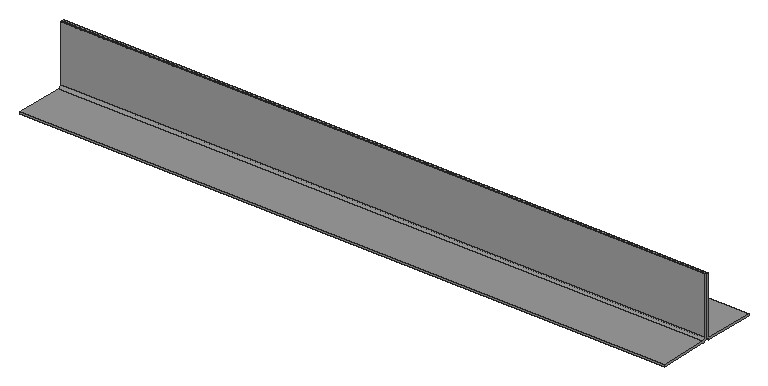
Revit family "SW K", category Generic Models, Revit 2014
Parameters (values of type "Max lintel length 2700mm")
  URL = "http://www.keystonelintels.co.uk"
  Structural Opening [instance] = 900 mm
  Structural Performance = "The Keystone lintel range has safe working loads as detailed in each applicable loading table in the Keystone Lintel Guide brochure. The structural performance figures within each table have been ascertained by testing in accordance with the requirements of standards BS EN 5977-2: 1983 and BS EN 845-2: 2003."
  RIBA Productor Selector = "available for Keystone Lintels Ltd from Keystone Lintels Ltd from ribaproductselector.com"
  Model = "SW/K"
  Min Length = 600 mm
  Min Clear Span = 300 mm
  Max Length = 2700 mm
  Max Clear Span = 2700 mm
  Material - Stainless Steel = "Grade 304 2b 1.4307 to BS EN 10088-2. Other grades available on request: contact manufacturer."
  Material - Galvanised Steel = "To BS EN 10346: 2009. DX51D plus Z600 or grade Z275 to BS 5977-2: 1983 (BS EN 845-2: 2003)."
  Manufacturer = "Keystone /"
  Manufactured Length [instance] = (roundup(Effective Length / 150 mm) * 150 mm)  # 1200 mm
  Lintel height [instance] = 2100 mm
  Keynote = "F30/755"
  Fire Performance = "Keystone lintels have been subjected to a fire test (WARRES No. 101263) in accordance with BS 476-20: 1987, at Exova Warrington Fire and achieved a one hour fire performance."
  End Bearing = 150 mm
  Effective Length [instance] = Clear Opening with MIN MAX set + End Bearing * 2  # 1200 mm
  Corrosion = "Keystone’s standard range of lintels are manufactured from high quality grade pre-galvanized carbon steel with a zinc coating of 600"
  Contact Tel = "+44 (0)28 8676 2184"
  Contact Email = "info@keystonelintels.co.uk"
  Clear Opening with MIN MAX set [instance] = if(Structural Opening < Min Clear Span, Min Clear Span, (if(Structural Opening > Max Clear Span, Max Clear Span, Structural Opening)))  # 900 mm
  CPD Information = "Available for Keystone Lintels Ltd from ribacpd.com"
Reference planes
  plane 1 "Center (Front/Back)": y = 0
  plane 2: z = 0
  plane 3 "Center (Left/Right)": x = 0
  plane 4: x = -600
  plane 5: x = 600
  plane 6: z = 2100
  plane 7: x = -450
  plane 8: x = 450
Forms (mm)
  Extrusion 1, solid, material "Steel"
    sketch origin (0, 716.986, -553.741) x (0, 1, 0) y (0, 0, 1)
      loop
        line (-619.486, 2653.741) -> (-619.486, 2656.941) -> (-708.786, 2656.941)
        arc (-708.786, 2656.941) -> (-712.322, 2658.406) -> (-713.786, 2661.941) r 5
        line (-713.786, 2661.941) -> (-713.786, 2766.741) -> (-716.986, 2766.741) -> (-716.986, 2661.941)
        arc (-716.986, 2661.941) -> (-714.584, 2656.143) -> (-708.786, 2653.741) r 8.2
        line (-708.786, 2653.741) -> (-619.486, 2653.741)
    from -600 to 600
  Extrusion 2, solid, material "Steel"
    sketch origin (0, 716.986, -553.741) x (0, 1, 0) y (0, 0, 1)
      loop
        line (-814.486, 2653.741) -> (-725.186, 2653.741)
        arc (-725.186, 2653.741) -> (-719.388, 2656.143) -> (-716.986, 2661.941) r 8.2
        line (-716.986, 2661.941) -> (-716.986, 2766.741) -> (-720.186, 2766.741) -> (-720.186, 2661.941)
        arc (-720.186, 2661.941) -> (-721.651, 2658.406) -> (-725.186, 2656.941) r 5
        line (-725.186, 2656.941) -> (-814.486, 2656.941) -> (-814.486, 2653.741)
    from -600 to 600
  Extrusion 3, solid, not visible
    sketch origin (0, 716.986, 1208.705) x (0, 1, 0) y (0, 0, 1)
      loop
        line (-619.486, 1053.741) -> (-619.486, 1056.941) -> (-708.786, 1056.941)
        arc (-708.786, 1056.941) -> (-712.322, 1058.406) -> (-713.786, 1061.941) r 5
        line (-713.786, 1061.941) -> (-713.786, 1166.741) -> (-716.986, 1166.741) -> (-716.986, 1061.941)
        arc (-716.986, 1061.941) -> (-714.584, 1056.143) -> (-708.786, 1053.741) r 8.2
        line (-708.786, 1053.741) -> (-619.486, 1053.741)
    from 0 to 250
  Extrusion 4, solid, not visible
    sketch origin (0, 535.113, 1289.694) x (0, 1, 0) y (0, 0, 1)
      loop
        line (-814.486, 1053.741) -> (-725.186, 1053.741)
        arc (-725.186, 1053.741) -> (-719.388, 1056.143) -> (-716.986, 1061.941) r 8.2
        line (-716.986, 1061.941) -> (-716.986, 1166.741) -> (-720.186, 1166.741) -> (-720.186, 1061.941)
        arc (-720.186, 1061.941) -> (-721.651, 1058.406) -> (-725.186, 1056.941) r 5
        line (-725.186, 1056.941) -> (-814.486, 1056.941) -> (-814.486, 1053.741)
    from 0 to 250
Dimensions and locks
  equal spacing: plane 4, plane 3 "Center (Left/Right)", plane 5
  "Manufactured Length": plane 4 to plane 5
  "Lintel height": plane 6 to level
  "Structural Opening": plane 7 to plane 8
  equal spacing: plane 7, plane 3 "Center (Left/Right)", plane 8
  aligned and locked: level to plane 2
  aligned and locked: Extrusion 1 to plane 6
  aligned and locked: Extrusion 2 to plane 6
  aligned and locked: plane 5 to Extrusion 1
  aligned and locked: Extrusion 1 to plane 4
  aligned and locked: plane 5 to Extrusion 2
  aligned and locked: Extrusion 2 to plane 4
Automatic sketch dimensions
  Extrusion 1 sketch curve to Extrusion 1 sketch curve = 89.3 mm
  Extrusion 1 sketch curve to Extrusion 1 sketch curve = 3.2 mm
  Extrusion 1 sketch curve to Extrusion 1 sketch curve = 0 mm  (x4)
  Extrusion 1 sketch curve to Extrusion 1 sketch curve = 5 mm
  Extrusion 1 sketch curve to Extrusion 1 sketch curve = 104.8 mm
  Extrusion 2 sketch curve to Extrusion 2 sketch curve = 89.3 mm
  Extrusion 2 sketch curve to Extrusion 2 sketch curve = 3.2 mm
  Extrusion 2 sketch curve to Extrusion 2 sketch curve = 0 mm  (x4)
  Extrusion 2 sketch curve to Extrusion 2 sketch curve = 5 mm
  Extrusion 2 sketch curve to Extrusion 2 sketch curve = 104.8 mm
  Extrusion 3 sketch curve to Extrusion 3 sketch curve = 89.3 mm
  Extrusion 3 sketch curve to Extrusion 3 sketch curve = 3.2 mm
  Extrusion 3 sketch curve to Extrusion 3 sketch curve = 0 mm  (x4)
  Extrusion 3 sketch curve to Extrusion 3 sketch curve = 5 mm
  Extrusion 3 sketch curve to Extrusion 3 sketch curve = 104.8 mm
  Extrusion 4 sketch curve to Extrusion 4 sketch curve = 89.3 mm
  Extrusion 4 sketch curve to Extrusion 4 sketch curve = 3.2 mm
  Extrusion 4 sketch curve to Extrusion 4 sketch curve = 0 mm  (x4)
  Extrusion 4 sketch curve to Extrusion 4 sketch curve = 5 mm
  Extrusion 4 sketch curve to Extrusion 4 sketch curve = 104.8 mm
  Extrusion 2 sketch curve to plane 6 = 0 mm
  Extrusion 2 sketch curve to plane 1 "Center (Front/Back)" = 0 mm
  Extrusion 1 sketch curve to plane 1 "Center (Front/Back)" = 0 mm
  Extrusion 1 sketch curve to plane 6 = 0 mm
